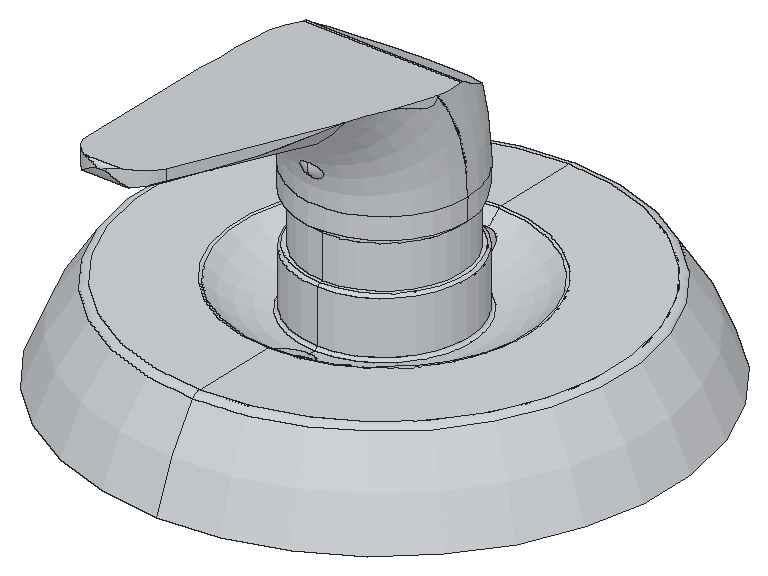
Revit family "Shower-Valve_Trim-KOHLER-LISON-K-11700T", category Specialty Equipment, host Face, Revit 2017
Family settings
  Host = Face
  Round Connector Dimension = Use Diameter
  Part Type = Normal
  Cut with Voids When Loaded = No
  Shared = No
  Room Calculation Point = No
Parameters (values of type "CP-Polished Chrome")
  Width = 6 107/256"  # constant formula
  WaterSense Certified = 1 = 0  # no
  URL = "https://www.kohler.com.cn/"
  Type = 1
  Product Page URL = ""
  Product Name = "LISON"  # constant formula
  Product Documentation Link = ""
  Model = "K-11700T-4-CP"  # constant formula
  Material = "Premium Metal Construction"  # constant formula
  Master Format 2014 Name = "Toilet, Bath, and Laundry Accessories"  # constant formula
  Master Format 2014 = "10 28 00"  # constant formula
  Manufacturer Address = "Kohler Beijing Office (100016)\n36-2-03-B, No. 88, Liuxiang Road, Beijing"  # constant formula
  Manufacturer = "KOHLER Co."  # constant formula
  Length = 3 15/16"  # constant formula
  Height = 6 107/256"  # constant formula
  Handle Clearance = 4"  # constant formula
  Finish = Kohler-Metal-CP-Polished_Chrome
  Environmental Product Declaration = ""
  Description = "Bath/Shower Trim W/Faceplate"  # constant formula
  Default Elevation = 42"
  Declare Label = ""
  Date Modified = "04/16/2021"  # constant formula
  Date Created = "04/16/2021"  # constant formula
  Copyright = "Copyright KOHLER Co."  # constant formula
  Contact Us = "https://www.kohler.com.cn/contact/contact-us/"
  Assembly Code = "C1030200"
  ADA Compliant = 1 = 0  # no
Reference planes (in)
  plane 1 "Center (Front/Back)": y = 0
  plane 2: z = 0
  plane 3 "Center (Left/Right)": x = 0
  plane 4: y = 3.20866
  plane 5: x = 3.20866
  plane 6: x = -3.20931
  plane 7: y = -3.20931
  plane 8: y = -0.94488
  plane 9: y = 0.94488
  plane 10: y = -4
  plane 11: z = 3.9375
  plane 12: y = 0.92126
  plane 13: z = 1.02362
Dimensions and locks (in)
  "Width": plane 6 to plane 5
  "Height": plane 7 to plane 4
  "Length": level to plane 11
  level to plane 13 = 1.02362"
  "Handle Clearance": plane 1 "Center (Front/Back)" to plane 10
  plane 12 to plane 10 = 4.92126"
  aligned and locked: plane 2 to host face
  aligned and locked: level to host face
Automatic sketch dimensions
  host sketch curve to host sketch curve = 96"  (x2)
Nested families (in)
  nested 1: "K-11700T" at (0, 0, 0), type "K-11700T"
Definition of nested family "K-11700T"
  Parameters (values of type "K-11700T")
    Material = none
  Reference planes (in)
    plane 1 "Center (Front/Back)": y = 0
    plane 2: z = 0
    plane 3 "Center (Left/Right)": x = 0
    plane 4: y = 3.20866
    plane 5: x = 3.20866
    plane 6: x = -3.20866
    plane 7: y = -3.20866
    plane 8: z = 3.93701
    plane 9: z = 1.02362
    plane 10: y = -0.94488
    plane 11: y = 0.94488
    plane 12: y = -4.01575
    plane 13: y = 0.90551
  Forms (in)
    Revolve 1, solid, material <- "Material", detail levels medium+fine
      sketch origin (0, -0.00017, 0) x (0, 1, 0) y (0, 0, 1)
        loop
          line (0, 0) -> (0, 2.37156) -> (-0.69411, 2.37156)
          arc (-0.69411, 2.37156) -> (-0.82149, 2.12308) -> (-0.86539, 1.84733) r 0.88786
          line (-0.86539, 1.84733) -> (-0.86539, 1.36614) -> (-0.91339, 1.36614) -> (-0.94488, 1.33465) -> (-0.94488, 0.73813)
          arc (-0.94488, 0.73813) -> (-0.95575, 0.71381) -> (-0.98112, 0.70568) r 0.03265
          arc (-0.98112, 0.70568) -> (-1.32391, 0.80437) -> (-1.61405, 1.01187) r 1.05269
          arc (-1.61405, 1.01187) -> (-1.62688, 1.02052) -> (-1.64205, 1.02356) r 0.03937
          line (-1.64205, 1.02356) -> (-2.60772, 1.02356)
          arc (-2.60772, 1.02356) -> (-2.65983, 1.01144) -> (-2.70124, 0.97758) r 0.11811
          arc (-2.70124, 0.97758) -> (-3.001, 0.51099) -> (-3.21653, 0) r 3.23044
          line (-3.21653, 0) -> (0, 0)
        axis (0, 2.37156) -> (0, 0)
      angle from 0 to 360
    Sweep 2, solid, material <- "Material", detail levels medium+fine
      path origin (0, 0, 0) x (0, 1, 0) y (0, 0, 1)
        loop
          line (-4.26884, 3.78943) -> (-1.68088, 3.11487)
          arc (-1.68088, 3.11487) -> (-1.15032, 2.76427) -> (-0.94488, 2.16244) r 0.98425
          line (-0.94488, 2.16244) -> (-0.94488, 1.92205)
      profile origin (0, -0.94488, 2.04224) x (1, 0, 0) y (0, 1, 0)
        loop
          circle (0, 0.94488) r 0.94506
    Extrusion 3, void
      sketch origin (0, 0, 0) x (0, 1, 0) y (0, 0, 1)
        loop
          arc (-0.01613, 3.31188) -> (-0.00058, 3.30781) -> (0.01384, 3.30071) r 0.07982
          line (0.01384, 3.30071) -> (0.91341, 2.7386) -> (0.91341, 6.51678) -> (-4.61071, 6.51678) -> (-4.61071, 3.36717) -> (-3.82331, 3.36717)
          arc (-3.82331, 3.36717) -> (-3.65227, 3.47941) -> (-3.76452, 3.65045) r 0.14466
          arc (-3.76452, 3.65045) -> (-3.91927, 3.72826) -> (-4.01453, 3.87293) r 0.33527
          arc (-4.01453, 3.87293) -> (-4.0065, 3.91455) -> (-3.96677, 3.92935) r 0.04329
          line (-3.96677, 3.92935) -> (-0.01613, 3.31188)
      from -1.82815 to 1.76703
    Extrusion 4, void
      sketch origin (0, 0, 0) x (1, 0, 0) y (0, 1, 0)
        loop
          spline (0.94506, -0.42998) -> (0.93661, -0.525) -> (0.92761, -0.61998) -> (0.91807, -0.71491) -> (0.90798, -0.80978) -> (0.89734, -0.90459) -> (0.88615, -0.99934) -> (0.87442, -1.09402) -> (0.86214, -1.18864) -> (0.84931, -1.28319) -> (0.83594, -1.37766) -> (0.82202, -1.47206) -> (0.80756, -1.56638)
          arc (0.80756, -1.56638) -> (0.63746, -2.60527) -> (0.45231, -3.64158) r 72.55199
          arc (0.45231, -3.64158) -> (0, -4.01745) -> (-0.45231, -3.64158) r 0.46008
          arc (-0.45231, -3.64158) -> (-0.63746, -2.60527) -> (-0.80756, -1.56638) r 72.55199
          spline (-0.80756, -1.56638) -> (-0.82202, -1.47206) -> (-0.83594, -1.37766) -> (-0.84931, -1.28319) -> (-0.86214, -1.18864) -> (-0.87442, -1.09402) -> (-0.88615, -0.99934) -> (-0.89734, -0.90459) -> (-0.90798, -0.80978) -> (-0.91807, -0.71491) -> (-0.92761, -0.61998) -> (-0.93661, -0.525) -> (-0.94506, -0.42998)
          arc (-0.94506, -0.42998) -> (-1.03621, -0.17583) -> (-1.2411, 0) r 0.5279
          line (-1.2411, 0) -> (-1.2411, -4.33071) -> (1.2411, -4.33071) -> (1.2411, 0)
          arc (1.2411, 0) -> (1.03621, -0.17583) -> (0.94506, -0.42998) r 0.5279
      from 2.79213 to 4.65742
    Extrusion 5, void
      sketch origin (0, 0, 0) x (0, 1, 0) y (0, 0, 1)
        loop
          line (0.24092, 1.92205) -> (0.97572, 1.92205) -> (0.97572, 2.26469) -> (0.24092, 1.92205)
      from -1.57233 to 1.38168
    Revolve 6, solid, material <- "Material", detail levels medium+fine
      sketch origin (0, -0.00923, 0) x (0, 1, 0) y (0, 0, 1)
        loop
          line (-1.0154, 2.57881) -> (-1.05598, 2.71154)
          arc (-1.05598, 2.71154) -> (-1.07336, 2.63816) -> (-1.06709, 2.563) r 0.23978
          line (-1.06709, 2.563) -> (-1.0154, 2.57881)
        axis (-1.06612, 2.56035) -> (-1.00858, 2.58129)
      angle from 0 to 360
    Extrusion 7, void
      sketch origin (0, 0, 0) x (1, 0, 0) y (0, 1, 0)
        loop
          circle (0, 1.26984) r 0.19685
        loop
          circle (0, -1.26984) r 0.19685
      from 0.67717 to 2.06299
    Revolve 8, solid, material <- "Material", detail levels coarse
      sketch origin (0, 0, 0) x (0, 1, 0) y (0, 0, 1)
        loop
          line (0, 0) -> (0, 3.45704) -> (-1.04331, 3.45704) -> (-1.04331, 1.08721) -> (-2.75521, 1.08721) -> (-3.2167, 0) -> (0, 0)
        axis (0, 3.45704) -> (0, 0)
      angle from 0 to 360
    Extrusion 9, solid, material <- "Material", detail levels coarse
      sketch origin (0, 0, 0) x (0, 1, 0) y (0, 0, 1)
        loop
          line (0.24606, 3.42763) -> (-4.01575, 3.93701) -> (-4.06247, 3.54609) -> (0.24606, 2.7086) -> (0.24606, 3.42763)
      from -0.9835 to 0.98162
  Cuts and joins
    Extrusion 7 cuts Revolve 1
    Extrusion 3, Extrusion 4, Extrusion 5 cuts Sweep 2
    joined: Revolve 1, Sweep 2, Revolve 6
    joined: Revolve 8, Extrusion 9
  Lines and regions (in)
    Masking region 1
      outline origin (0, 0, 0) x (0, 1, 0) y (0, 0, 1)
        loop
          line (-0.00017, 0) -> (3.2167, 0)
          arc (3.2167, 0) -> (3.00086, 0.51112) -> (2.70066, 0.97772) r 3.22754
          arc (2.70066, 0.97772) -> (2.65926, 1.01153) -> (2.6072, 1.02362) r 0.11811
          line (2.6072, 1.02362) -> (0.94488, 1.02362) -> (0.94488, 1.33482) -> (0.91356, 1.36614) -> (0.86557, 1.36614) -> (0.86557, 1.85086)
          arc (0.86557, 1.85086) -> (0.84902, 2.02001) -> (0.79999, 2.18275) r 0.87264
          line (0.79999, 2.18275) -> (0.90551, 2.23195) -> (0.90551, 2.62565)
          arc (0.90551, 2.62565) -> (0.89977, 2.69269) -> (0.88272, 2.75777) r 0.39439
          line (0.88272, 2.75777) -> (0.01384, 3.30071)
          arc (0.01384, 3.30071) -> (-0.0005, 3.30778) -> (-0.01598, 3.31185) r 0.07982
          line (-0.01598, 3.31185) -> (-3.95969, 3.93608)
          arc (-3.95969, 3.93608) -> (-4.00505, 3.9192) -> (-4.0141, 3.87165) r 0.04929
          arc (-4.0141, 3.87165) -> (-3.95043, 3.75993) -> (-3.8494, 3.6804) r 0.33527
          line (-3.8494, 3.6804) -> (-1.67482, 3.11418)
          arc (-1.67482, 3.11418) -> (-1.33163, 2.9469) -> (-1.07998, 2.65978) r 0.96656
          arc (-1.07998, 2.65978) -> (-1.06857, 2.54747) -> (-0.99244, 2.46412) r 0.17972
          arc (-0.99244, 2.46412) -> (-0.95699, 2.32651) -> (-0.94506, 2.1849) r 0.8464
          line (-0.94506, 2.1849) -> (-0.94506, 1.92205) -> (-0.86557, 1.92205) -> (-0.86557, 1.36614) -> (-0.91356, 1.36614) -> (-0.94488, 1.33482) -> (-0.94488, 1.02362) -> (-2.6072, 1.02362)
          arc (-2.6072, 1.02362) -> (-2.65926, 1.01153) -> (-2.70066, 0.97772) r 0.11811
          arc (-2.70066, 0.97772) -> (-3.00086, 0.51112) -> (-3.2167, 0) r 3.22754
          line (-3.2167, 0) -> (-0.00017, 0)
    Masking region 2
      outline origin (0, 0, 0) x (1, 0, 0) y (0, 1, 0)
        loop
          arc (0.53828, -3.17117) -> (0, 3.21653) -> (-0.53828, -3.17117) r 3.21653
          arc (-0.53828, -3.17117) -> (-0.49551, -3.40738) -> (-0.45196, -3.64345) r 72.55199
          arc (-0.45196, -3.64345) -> (0, -4.01903) -> (0.45196, -3.64345) r 0.45973
          arc (0.45196, -3.64345) -> (0.49551, -3.40738) -> (0.53828, -3.17117) r 72.55199
    Masking region 3
      outline origin (0, 0, 0) x (1, 0, 0) y (0, 0, 1)
        loop
          line (0, 0) -> (3.21653, 0)
          arc (3.21653, 0) -> (3.001, 0.51116) -> (2.70061, 0.97754) r 3.20755
          arc (2.70061, 0.97754) -> (2.65899, 1.01148) -> (2.60667, 1.02362) r 0.11881
          line (2.60667, 1.02362) -> (0.94488, 1.02362) -> (0.94488, 1.33465) -> (0.91339, 1.36614) -> (0.86539, 1.36614) -> (0.86539, 1.92205) -> (0.94506, 1.92205) -> (0.94506, 3.37656)
          arc (0.94506, 3.37656) -> (0.72785, 3.6348) -> (0.47646, 3.85991) r 2.39197
          arc (0.47646, 3.85991) -> (0.43612, 3.88442) -> (0.3913, 3.89922) r 0.20821
          arc (0.3913, 3.89922) -> (0.19668, 3.92879) -> (0, 3.93701) r 1.80593
          arc (0, 3.93701) -> (-0.19668, 3.92879) -> (-0.3913, 3.89922) r 1.80593
          arc (-0.3913, 3.89922) -> (-0.43612, 3.88442) -> (-0.47646, 3.85991) r 0.20821
          arc (-0.47646, 3.85991) -> (-0.72785, 3.6348) -> (-0.94506, 3.37656) r 2.39197
          line (-0.94506, 3.37656) -> (-0.94506, 1.92205) -> (-0.86539, 1.92205) -> (-0.86539, 1.36614) -> (-0.91339, 1.36614) -> (-0.94488, 1.33465) -> (-0.94488, 1.02362) -> (-2.60667, 1.02362)
          arc (-2.60667, 1.02362) -> (-2.65899, 1.01148) -> (-2.70061, 0.97754) r 0.11881
          arc (-2.70061, 0.97754) -> (-3.001, 0.51116) -> (-3.21653, 0) r 3.20755
          line (-3.21653, 0) -> (0, 0)
    symbolic lines, detail levels medium+fine
      curve 1: line (0, -0.94488, 1.02362) -> (0, 0.94488, 1.02362)
      curve 2: line (0, 0.86522, 1.36614) -> (0, -0.86557, 1.36614)
      curve 3: line (0, 0.94471, 1.33465) -> (0, -0.94506, 1.33465)
      curve 4: line (0, 0.86557, 1.85086) -> (0, -0.86557, 1.85086)
      curve 5: line (0, 0.79999, 2.18275) -> (0, 0.24092, 1.92205)
      curve 6: line (0, -0.86242, 1.92205) -> (0, 0.24092, 1.92205)
      curve 7: line (0, -0.99244, 2.46412) -> (0, -1.07998, 2.65978)
      curve 8: arc (0.80756, -1.56638, 0) -> (0.67742, -2.36953, 0) -> (0.53828, -3.17117, 0) r 72.55199
      curve 9: spline (0.88604, -1.00026, 0) -> (0.87719, -1.04709, 0) -> (0.86876, -1.094, 0) -> (0.86075, -1.14097, 0) -> (0.85316, -1.18802, 0) -> (0.84599, -1.23513, 0) -> (0.83923, -1.2823, 0) -> (0.8329, -1.32952, 0) -> (0.82699, -1.3768, 0) -> (0.8215, -1.42413, 0) -> (0.81643, -1.4715, 0) -> (0.81178, -1.51892, 0) -> (0.80756, -1.56638, 0)
      curve 10: spline (0.94506, -0.42998, 0) -> (0.94089, -0.47757, 0) -> (0.93659, -0.52516, 0) -> (0.93216, -0.57273, 0) -> (0.92758, -0.62029, 0) -> (0.92287, -0.66784, 0) -> (0.91802, -0.71537, 0) -> (0.91303, -0.76289, 0) -> (0.90791, -0.81039, 0) -> (0.90265, -0.85788, 0) -> (0.89725, -0.90536, 0) -> (0.89171, -0.95282, 0) -> (0.88604, -1.00026, 0)
      curve 11: spline (0.88739, 0.01384, 0) -> (0.89686, -0.02237, 0) -> (0.90549, -0.05879, 0) -> (0.91328, -0.09539, 0) -> (0.92022, -0.13216, 0) -> (0.92632, -0.16908, 0) -> (0.93156, -0.20612, 0) -> (0.93596, -0.24327, 0) -> (0.9395, -0.28051, 0) -> (0.94217, -0.31782, 0) -> (0.944, -0.35518, 0) -> (0.94496, -0.39257, 0) -> (0.94506, -0.42998, 0)
      curve 12: line (-0.88739, 0.01384, 0) -> (0.88739, 0.01384, 0)
      curve 13: arc (0.92787, -0.17941, 0) -> (0.73236, 0.59732, 0) -> (0.01079, 0.94499, 0) r 0.94506
      curve 14: arc (-0.80756, -1.56638, 0) -> (-0.67742, -2.36953, 0) -> (-0.53828, -3.17117, 0) r 72.55199
      curve 15: spline (-0.88604, -1.00026, 0) -> (-0.87719, -1.04709, 0) -> (-0.86876, -1.094, 0) -> (-0.86075, -1.14097, 0) -> (-0.85316, -1.18802, 0) -> (-0.84599, -1.23513, 0) -> (-0.83923, -1.2823, 0) -> (-0.8329, -1.32952, 0) -> (-0.82699, -1.3768, 0) -> (-0.8215, -1.42413, 0) -> (-0.81643, -1.4715, 0) -> (-0.81178, -1.51892, 0) -> (-0.80756, -1.56638, 0)
      curve 16: spline (-0.94506, -0.42998, 0) -> (-0.94089, -0.47757, 0) -> (-0.93659, -0.52516, 0) -> (-0.93216, -0.57273, 0) -> (-0.92758, -0.62029, 0) -> (-0.92287, -0.66784, 0) -> (-0.91802, -0.71537, 0) -> (-0.91303, -0.76289, 0) -> (-0.90791, -0.81039, 0) -> (-0.90265, -0.85788, 0) -> (-0.89725, -0.90536, 0) -> (-0.89171, -0.95282, 0) -> (-0.88604, -1.00026, 0)
      curve 17: spline (-0.88739, 0.01384, 0) -> (-0.89686, -0.02237, 0) -> (-0.90549, -0.05879, 0) -> (-0.91328, -0.09539, 0) -> (-0.92022, -0.13216, 0) -> (-0.92632, -0.16908, 0) -> (-0.93156, -0.20612, 0) -> (-0.93596, -0.24327, 0) -> (-0.9395, -0.28051, 0) -> (-0.94217, -0.31782, 0) -> (-0.944, -0.35518, 0) -> (-0.94496, -0.39257, 0) -> (-0.94506, -0.42998, 0)
      curve 18: arc (-0.92787, -0.17941, 0) -> (-0.73236, 0.59732, 0) -> (-0.01079, 0.94499, 0) r 0.94506
      curve 19: arc (0.62388, -2.68436, 0) -> (0, 2.75591, 0) -> (-0.62388, -2.68436, 0) r 2.75591
      curve 20: arc (0.82021, -1.43578, 0) -> (0.00009, 1.65354, 0) -> (-0.82037, -1.43569, 0) r 1.65354
      curve 21: arc (0.19685, 1.26984, 0) -> (0, 1.46669, 0) -> (-0.19685, 1.26984, 0) r 0.19685
      curve 22: arc (-0.19685, 1.26984, 0) -> (0, 1.07299, 0) -> (0.19685, 1.26984, 0) r 0.19685
      curve 23: line (-0.89066, 0, 0) -> (0.89019, 0, 0)
      curve 24: line (-0.94488, 0, 1.02362) -> (0.94488, 0, 1.02362)
      curve 25: line (0.86539, 0, 1.36614) -> (-0.86539, 0, 1.36614)
      curve 26: line (-0.94488, 0, 1.33465) -> (0.94488, 0, 1.33465)
      curve 27: line (-0.86539, 0, 1.85039) -> (0.86539, 0, 1.85039)
      curve 28: spline (0.91368, 0, 1.92205) -> (0.89978, 0, 1.94485) -> (0.88304, 0, 1.96731) -> (0.86351, 0, 1.98936) -> (0.84125, 0, 2.01095) -> (0.81632, 0, 2.032) -> (0.78878, 0, 2.05247) -> (0.75873, 0, 2.0723) -> (0.72623, 0, 2.09143) -> (0.69139, 0, 2.1098) -> (0.6543, 0, 2.12737) -> (0.61505, 0, 2.14409) -> (0.57377, 0, 2.1599)
      curve 29: spline (0.57372, 0, 2.15975) -> (0.4909, 0, 2.1864) -> (0.40122, 0, 2.20873) -> (0.30593, 0, 2.22643) -> (0.20636, 0, 2.23925) -> (0.10391, 0, 2.24702) -> (0, 0, 2.24962) -> (-0.10391, 0, 2.24702) -> (-0.20636, 0, 2.23925) -> (-0.30593, 0, 2.22643) -> (-0.40122, 0, 2.20873) -> (-0.4909, 0, 2.1864) -> (-0.57372, 0, 2.15975)
      curve 30: spline (-0.57377, 0, 2.1599) -> (-0.61505, 0, 2.14409) -> (-0.65429, 0, 2.12737) -> (-0.69139, 0, 2.1098) -> (-0.72623, 0, 2.09143) -> (-0.75873, 0, 2.0723) -> (-0.78878, 0, 2.05247) -> (-0.81632, 0, 2.032) -> (-0.84125, 0, 2.01095) -> (-0.86351, 0, 1.98936) -> (-0.88304, 0, 1.96731) -> (-0.89978, 0, 1.94485) -> (-0.91368, 0, 1.92205)
      curve 31: spline (0, 0, 2.18254) -> (-0.09198, 0, 2.18044) -> (-0.1829, 0, 2.17421) -> (-0.27174, 0, 2.16393) -> (-0.3575, 0, 2.14972) -> (-0.43919, 0, 2.13174) -> (-0.51589, 0, 2.11018) -> (-0.58674, 0, 2.08531) -> (-0.65093, 0, 2.05739) -> (-0.70772, 0, 2.02674) -> (-0.75649, 0, 1.99371) -> (-0.79666, 0, 1.95868) -> (-0.8278, 0, 1.92205)
      curve 32: spline (0.8278, 0, 1.92205) -> (0.79666, 0, 1.95868) -> (0.75649, 0, 1.99371) -> (0.70772, 0, 2.02674) -> (0.65093, 0, 2.05739) -> (0.58674, 0, 2.08531) -> (0.51589, 0, 2.11018) -> (0.43919, 0, 2.13174) -> (0.3575, 0, 2.14972) -> (0.27174, 0, 2.16393) -> (0.1829, 0, 2.17421) -> (0.09198, 0, 2.18044) -> (0, 0, 2.18254)
      curve 33: line (-0.88825, 0, 3.30071) -> (0.88825, 0, 3.30071)
      curve 34: arc (-0.94506, 0, 3.37656) -> (-0.90958, 0, 3.34393) -> (-0.88825, 0, 3.30071) r 0.13154
      curve 35: arc (0.94506, 0, 3.37656) -> (0.90958, 0, 3.34393) -> (0.88825, 0, 3.30071) r 0.13154
      curve 36: arc (0.94506, 0, 3.37656) -> (0, 0, 3.41564) -> (-0.94506, 0, 3.37656) r 11.44709
      curve 37: line (-0.86539, 0, 1.92205) -> (-0.8278, 0, 1.92205)
      curve 38: line (0.86539, 0, 1.92205) -> (0.8278, 0, 1.92205)
  Dimensions and locks (in)
    plane 8 to level = 3.93701"
    plane 9 to level = 1.02362"
    plane 1 "Center (Front/Back)" to plane 12 = 4.01575"
    plane 13 to plane 12 = 4.92126"
    plane 4 to plane 7 = 6.41732"
    plane 6 to plane 5 = 6.41732"
    aligned and locked: plane 2 to level
